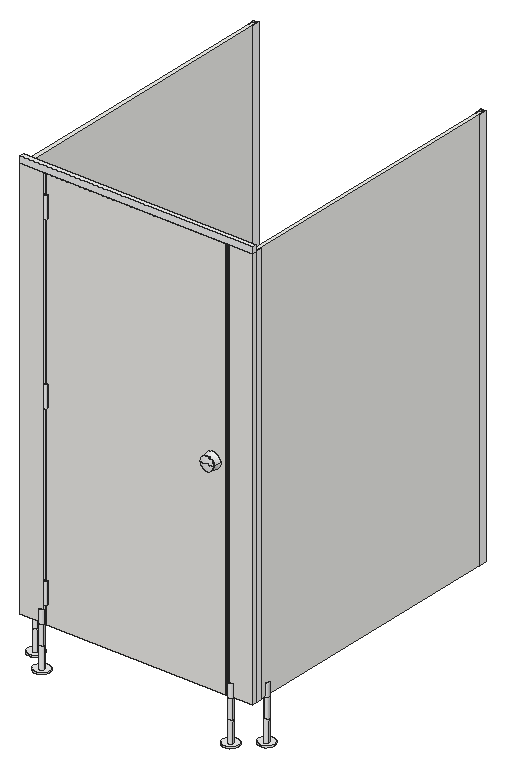
Revit family "Alsanit - Kabiny sanitarne PERSEI - LPW", category Doors, Revit 2020 (continued)
Dimensions and locks
  aligned and locked: plane 8 to Sweep 55 sketch curve
  aligned and locked: plane 67 to Sweep 56 sketch curve
  aligned and locked: level to Sweep 56 sketch curve
  aligned and locked: plane 25 to Sweep 56 sketch curve
  aligned and locked: plane 67 to Sweep 57 sketch curve
  aligned and locked: level to Sweep 57 sketch curve
  aligned and locked: plane 26 to Sweep 57 sketch curve
  aligned and locked: plane 67 to Sweep 58 sketch curve
  aligned and locked: level to Sweep 58 sketch curve
  aligned and locked: Sweep 58 sketch curve to plane 6
  aligned and locked: plane 67 to Sweep 59 sketch curve
  aligned and locked: Sweep 59 sketch curve to plane 9
  aligned and locked: level to Sweep 59 sketch curve
  aligned and locked: plane 67 to Sweep 60 sketch curve
  aligned and locked: level to Sweep 60 sketch curve
  aligned and locked: plane 25 to Sweep 60 sketch curve
  aligned and locked: level to Sweep 61 sketch curve
  aligned and locked: plane 67 to Sweep 61 sketch curve
  aligned and locked: plane 26 to Sweep 61 sketch curve
  aligned and locked: plane 67 to Sweep 62 sketch curve
  aligned and locked: level to Sweep 62 sketch curve
  aligned and locked: plane 7 to Sweep 62 sketch curve
Automatic sketch dimensions
  curve 22 to plane 21 = 0.00 mm
  curve 20 to plane 18 = 0.00 mm
  curve 24 to plane 27 = 0.00 mm
  curve 17 to plane 27 = 0.00 mm
  Sweep 5 sketch curve to plane 8 = 0.00 mm
  Sweep 11 sketch curve to plane 28 "Wysokość modułu" = 0.00 mm
  Sweep 17 sketch curve to plane 3 "Center (Left/Right)" = 0.00 mm
  Sweep 17 sketch curve to level = 0.00 mm
  Sweep 17 sketch curve to plane 33 = 0.00 mm
  plane 17 to Sweep 17 sketch curve = 0.00 mm
  Sweep 18 sketch curve to plane 33 = 0.00 mm
  Sweep 18 sketch curve to level = 0.00 mm
  Sweep 18 sketch curve to plane 61 = 10.00 mm
  plane 17 to Sweep 18 sketch curve = 0.00 mm
  Sweep 19 sketch curve to plane 3 "Center (Left/Right)" = 0.00 mm
  Sweep 19 sketch curve to plane 27 = 0.00 mm
  Sweep 19 sketch curve to plane 34 = 0.00 mm
  plane 17 to Sweep 19 sketch curve = 0.00 mm
  Sweep 19 sketch curve to plane 17 = 10.00 mm
  Sweep 20 sketch curve to plane 34 = 0.00 mm
  Sweep 20 sketch curve to plane 27 = 0.00 mm
  Sweep 20 sketch curve to plane 61 = 10.00 mm
  plane 17 to Sweep 20 sketch curve = 0.00 mm
  Sweep 20 sketch curve to plane 17 = 10.00 mm
  Sweep 21 sketch curve to plane 3 "Center (Left/Right)" = 0.00 mm
  Sweep 21 sketch curve to plane 33 = 0.00 mm
  Sweep 21 sketch curve to plane 27 = 0.00 mm
  plane 17 to Sweep 21 sketch curve = 0.00 mm
  Sweep 22 sketch curve to plane 27 = 0.00 mm
  Sweep 22 sketch curve to plane 33 = 0.00 mm
  Sweep 22 sketch curve to plane 61 = 10.00 mm
  plane 17 to Sweep 22 sketch curve = 0.00 mm
  Sweep 23 sketch curve to plane 25 = 0.00 mm
  Sweep 23 sketch curve to level = 0.00 mm
  Sweep 23 sketch curve to plane 33 = 0.00 mm
  Sweep 23 sketch curve to plane 11 = 0.00 mm
  Sweep 23 sketch curve to profile plane = 0.00 mm
  Sweep 24 sketch curve to plane 25 = 0.00 mm
  Sweep 24 sketch curve to plane 27 = 0.00 mm
  Sweep 24 sketch curve to plane 34 = 0.00 mm
  Sweep 24 sketch curve to plane 11 = 0.00 mm
  Sweep 24 sketch curve to profile plane = 0.00 mm
  Sweep 24 sketch curve to Sweep 24 sketch curve = 10.00 mm
  Sweep 25 sketch curve to plane 25 = 0.00 mm
  Sweep 25 sketch curve to plane 33 = 0.00 mm
  Sweep 25 sketch curve to plane 27 = 0.00 mm
  Sweep 25 sketch curve to plane 11 = 0.00 mm
  Sweep 25 sketch curve to profile plane = 0.00 mm
  Sweep 26 sketch curve to plane 26 = 0.00 mm
  Sweep 26 sketch curve to level = 0.00 mm
  Sweep 26 sketch curve to plane 33 = 0.00 mm
  Sweep 27 sketch curve to plane 26 = 0.00 mm
  Sweep 27 sketch curve to plane 27 = 0.00 mm
  Sweep 27 sketch curve to plane 34 = 0.00 mm
  Sweep 27 sketch curve to plane 11 = 0.00 mm
  Sweep 27 sketch curve to Sweep 27 sketch curve = 10.00 mm
  Sweep 28 sketch curve to plane 26 = 0.00 mm
  Sweep 28 sketch curve to plane 33 = 0.00 mm
  Sweep 28 sketch curve to plane 27 = 0.00 mm
  Sweep 28 sketch curve to plane 11 = 0.00 mm
  Sweep 28 sketch curve to profile plane = 0.00 mm
  Sweep 33 sketch curve to plane 27 = 0.00 mm
  plane 48 to Sweep 34 sketch curve = 0.00 mm
  Sweep 34 sketch curve to plane 27 = 0.00 mm
  Sweep 35 sketch curve to plane 27 = 0.00 mm
  Sweep 36 sketch curve to plane 27 = 0.00 mm
  Sweep 37 sketch curve to Sweep 37 sketch curve = 0.00 mm  (x3)
  profile plane to Sweep 37 sketch curve = 19.028 mm
  Sweep 37 sketch curve to Sweep 37 sketch curve = 11.92 mm
  Sweep 37 sketch curve to Sweep 37 sketch curve = 0.914 mm
  Sweep 37 sketch curve to Sweep 37 sketch curve = 12.835 mm
  Sweep 37 sketch curve to profile plane = 14.002 mm
  Sweep 37 sketch curve to Sweep 37 sketch curve = 5.11 mm
  Sweep 37 sketch curve to Sweep 37 sketch curve = 5.963 mm
  Sweep 37 sketch curve to Sweep 37 sketch curve = 0.963 mm
  Sweep 37 sketch curve to Sweep 37 sketch curve = 0.337 mm
  Sweep 37 sketch curve to Sweep 37 sketch curve = 3.278 mm
  plane 2 to Sweep 37 sketch curve = 2000.00 mm
  Sweep 37 sketch curve to Sweep 37 sketch curve = 2.00 mm  (x4)
  Sweep 37 sketch curve to Sweep 37 sketch curve = 8.006 mm
  Sweep 37 sketch curve to Sweep 37 sketch curve = 4.00 mm  (x2)
  Sweep 37 sketch curve to Sweep 37 sketch curve = 0.60 mm
  Sweep 37 sketch curve to Sweep 37 sketch curve = 14.00 mm
  Sweep 37 sketch curve to Sweep 37 sketch curve = 1.40 mm
  Sweep 37 sketch curve to Sweep 37 sketch curve = 1.946 mm
  Sweep 37 sketch curve to Sweep 37 sketch curve = 0.998 mm
  Sweep 33 sketch curve to plane 58 = 0.00 mm
  Sweep 33 sketch curve to plane 59 = 0.00 mm
  Sweep 33 sketch curve to Sweep 33 sketch curve = 95.00 mm
  Sweep 35 sketch curve to plane 56 = 0.00 mm
  Sweep 35 sketch curve to plane 57 = 0.00 mm
  Sweep 35 sketch curve to Sweep 35 sketch curve = 95.00 mm
  radius of Sweep 17 sketch curve = 11.00 mm
  radius of Sweep 18 sketch curve = 11.00 mm
  radius of Sweep 21 sketch curve = 10.00 mm
  radius of Sweep 22 sketch curve = 10.00 mm
  radius of Sweep 23 sketch curve = 11.00 mm
  radius of Sweep 25 sketch curve = 10.00 mm
  radius of Sweep 26 sketch curve = 11.00 mm
  radius of Sweep 28 sketch curve = 10.00 mm
  radius of Extrusion 43 sketch curve = 7.50 mm
  radius of Extrusion 44 sketch curve = 7.50 mm
Nested families
  nested 1: "front" at (0, -1290, 0), visible <- "Orientacja - bez odbicia", Szerokość drzwi <- "Szerokość drzwi", Grubość ścianki <- "Grubość ścianki", Wysokość dolnej szczeliny <- "Wysokość szczeliny drzwi", type "front", detail levels medium+fine
    with Wysokość dolnej szczeliny 188.00 mm, Szerokość drzwi 800.00 mm, Grubość ścianki 18.00 mm, Wysokość drzwi 2000.00 mm
  nested 2: "front" at (0, -1290, 0) x (-1, 0, 0) z (0, 0, 1), visible <- "Orientacja - odbij lustrzanie", Szerokość drzwi <- "Szerokość drzwi", Grubość ścianki <- "Grubość ścianki", Wysokość dolnej szczeliny <- "Wysokość szczeliny drzwi", type "front", detail levels medium+fine
    with Wysokość dolnej szczeliny 188.00 mm, Szerokość drzwi 800.00 mm, Grubość ścianki 18.00 mm, Wysokość drzwi 2000.00 mm
Definition of nested family "front"
  Parameters (values of type "front")
    Wysokość drzwi = 2030.00 mm
    Wysokość dolnej szczeliny [instance] = 188.00 mm
    Szerokość drzwi [instance] = 900.00 mm
    Materiał płyt = none
    Materiał okuć = none
    Grubość ścianki [instance] = 10.00 mm
    Drzwi zewnętrzne = yes
    Drzwi wewnętrzne = no
    Default Elevation = 0.00 mm
  Reference planes
    plane 1 "Center (Front/Back)": y = 0
    plane 2: z = 0
    plane 3 "Center (Left/Right)": x = 0
    plane 4: y = -10
    plane 5: z = 188
    plane 6: z = 2030
    plane 7: x = 450
    plane 8: x = -450
    plane 9: x = 393
    plane 10: y = -17
    plane 11: z = 1110
    plane 12: y = 12
    plane 13: y = 7
    plane 14: z = 1110
    plane 15: x = 469.5
    plane 16: z = 1946.75
    plane 17: z = 1853.25
    plane 18: y = -910
    plane 19: y = 900
    plane 20: y = 32
    plane 21: y = 42
  Forms (mm)
    Sweep 1, solid, material <- "Materiał płyt"
      path origin (500, 0, 0) x (-1, 0, 0) y (0, 0, 1)
        loop
          line (500, 188) -> (500, 2030)
      profile origin (0, 0, 1109) x (-1, 0, 0) y (0, -1, 0)
        loop
          line (-450, 0) -> (450, 0) -> (450, 10) -> (-450, 10) -> (-450, 0)
    Revolve 2, solid, material <- "Materiał okuć", detail levels fine
      sketch origin (0, 0, 1110) x (1, 0, 0) y (0, 1, 0)
        loop
          line (393, -10) -> (393, -41) -> (423, -41)
          arc (423, -41) -> (422.747, -25.056) -> (428, -10) r 45.589
          line (428, -10) -> (393, -10)
        axis (393, -10) -> (393, -41)
      angle from 0 to 360
    Revolve 3, solid, material <- "Materiał okuć", visible <- "Drzwi zewnętrzne", detail levels fine
      sketch origin (-489.895, -17, 1200) x (-1, 0, 0) y (0, 0, 1)
        loop
          line (-32.895, -43.25) -> (-39.895, -43.25) -> (-39.895, -136.75) -> (-32.895, -136.75) -> (-32.895, -43.25)
        loop
          line (-32.895, -833.25) -> (-39.895, -833.25) -> (-39.895, -926.75) -> (-32.895, -926.75) -> (-32.895, -833.25)
        loop
          line (-32.895, 746.75) -> (-39.895, 746.75) -> (-39.895, 653.25) -> (-32.895, 653.25) -> (-32.895, 746.75)
        axis (-39.895, 746.75) -> (-39.895, -926.75)
      angle from 0 to 360
    Revolve 4, solid, material <- "Materiał okuć", detail levels fine
      sketch origin (0, 0, 1110) x (1, 0, 0) y (0, 1, 0)
        loop
          line (393, -41) -> (393, -46)
          arc (393, -46) -> (408.088, -45.376) -> (423, -43) r 129.442
          line (423, -43) -> (423, -41) -> (393, -41)
        loop
          arc (428, 0) -> (424.416, 5.468) -> (424.718, 12) r 10.61
          line (424.718, 12) -> (393, 12) -> (393, 0) -> (428, 0)
        axis (393, 12) -> (393, -46)
      angle from 0 to 360
    Sweep 5, solid, material <- "Materiał okuć", detail levels fine
      path origin (366, -1524, 1110) x (-1, 0, 0) y (0, -1, 0)
        loop
          line (-84, -1531) -> (-84, -1536)
      profile origin (450, 9.5, 1110) x (-1, 0, 0) y (0, 0, 1)
        loop
          line (48.128, 23.373) -> (-4.314, 8.829)
          arc (-4.314, 8.829) -> (-11.028, 0) -> (-4.314, -8.829) r 9.162
          line (-4.314, -8.829) -> (48.128, -23.373) -> (48.128, 23.373)
    Extrusion 6, solid, material <- "Materiał okuć", detail levels fine
      sketch origin (0, 0, 0) x (1, 0, 0) y (0, 0, 1)
        loop
          line (-9.496, 1782.645) -> (-9.496, 1777.392) -> (9.496, 1777.392) -> (9.496, 1782.645)
          arc (9.496, 1782.645) -> (4.682, 1788.517) -> (5.976, 1795.998) r 9.126
          arc (5.976, 1795.998) -> (0, 1807.33) -> (-5.976, 1795.998) r 7.241
          arc (-5.976, 1795.998) -> (-4.682, 1788.517) -> (-9.496, 1782.645) r 9.126
      from -7 to 0
    Extrusion 7, solid, material <- "Materiał okuć", detail levels fine
      sketch origin (42.235, -68.236, -0.053) x (-0.601815, 0.798636, 0) y (0, 0, -1)
        loop
          arc (104.856, -1789.865) -> (110.41, -1793.768) -> (114.787, -1788.58) r 5.027
          arc (114.787, -1788.58) -> (112.823, -1783.23) -> (108.108, -1780.03) r 9.3
          arc (108.108, -1780.03) -> (100.618, -1778.3) -> (92.979, -1777.445) r 66.588
          line (92.979, -1777.445) -> (85.678, -1777.445) -> (85.678, -1782.715)
          arc (85.678, -1782.715) -> (92.474, -1781.484) -> (99.218, -1782.976) r 17.523
          arc (99.218, -1782.976) -> (102.86, -1785.747) -> (104.856, -1789.865) r 9.85
      from 0 to -7.113
    Extrusion 8, solid, material <- "Materiał okuć", detail levels fine
      sketch origin (-42.235, -68.236, -0.053) x (0.601815, 0.798636, 0) y (0, 0, 1)
        loop
          arc (104.856, 1789.865) -> (102.86, 1785.747) -> (99.218, 1782.976) r 9.85
          arc (99.218, 1782.976) -> (92.474, 1781.484) -> (85.678, 1782.715) r 17.523
          line (85.678, 1782.715) -> (85.678, 1777.445) -> (92.979, 1777.445)
          arc (92.979, 1777.445) -> (100.618, 1778.3) -> (108.108, 1780.03) r 66.588
          arc (108.108, 1780.03) -> (112.823, 1783.23) -> (114.787, 1788.58) r 9.3
          arc (114.787, 1788.58) -> (110.41, 1793.768) -> (104.856, 1789.865) r 5.027
      from 0 to -7.113
    Revolve 9, solid, material <- "Materiał okuć", visible <- "Drzwi wewnętrzne", detail levels fine
      sketch origin (-489.895, 7, 1200) x (-1, 0, 0) y (0, 0, -1)
        loop
          line (-32.895, 43.25) -> (-32.895, 136.75) -> (-39.895, 136.75) -> (-39.895, 43.25) -> (-32.895, 43.25)
        loop
          line (-32.895, 833.25) -> (-32.895, 926.75) -> (-39.895, 926.75) -> (-39.895, 833.25) -> (-32.895, 833.25)
        loop
          line (-32.895, -746.75) -> (-32.895, -653.25) -> (-39.895, -653.25) -> (-39.895, -746.75) -> (-32.895, -746.75)
        axis (-39.895, -746.75) -> (-39.895, 926.75)
      angle from 0 to 360
    Revolve 10, solid, material <- "Materiał okuć", detail levels fine
      sketch origin (0, 0, 1110) x (1, 0, 0) y (0, 1, 0)
        loop
          line (461.5, 0) -> (469.5, 0) -> (469.5, 18) -> (448.5, 18) -> (448.5, 13) -> (463.5, 13) -> (463.5, 7) -> (461.5, 7) -> (461.5, 0)
        axis (469.5, 0) -> (469.5, 18)
      angle from 0 to 360
    Sweep 11, solid, material <- "Materiał okuć", detail levels fine
      path origin (0, 0, 0) x (1, 0, 0) y (0, 1, 0)
        loop
          line (393, 12) -> (393, 32)
      profile origin (393, 22, 0) x (-1, 0, 0) y (0, 0, 1)
        loop
          arc (20.5, 1118.773) -> (-10.746, 1124) -> (-42, 1118.822) r 96.453
          arc (-42, 1118.822) -> (-48.309, 1110) -> (-42, 1101.178) r 9.322
          arc (-42, 1101.178) -> (-9.312, 1096.012) -> (23.199, 1102.199) r 96.453
          arc (23.199, 1102.199) -> (26.818, 1111.295) -> (20.5, 1118.773) r 9.519
    SweptBlend 12, solid, material <- "Materiał okuć", detail levels fine
      path origin (0, 0, 0) x (1, 0, 0) y (0, 1, 0)
        loop
          line (393, 32) -> (393, 42)
      profile origin (393, 32, 0) x (-1, 0, 0) y (0, 0, 1)
        loop
          arc (-42, 1101.178) -> (-9.312, 1096.012) -> (23.199, 1102.199) r 96.453
          arc (23.199, 1102.199) -> (26.818, 1111.295) -> (20.5, 1118.773) r 9.519
          arc (20.5, 1118.773) -> (-10.746, 1124) -> (-42, 1118.822) r 96.453
          arc (-42, 1118.822) -> (-48.309, 1110) -> (-42, 1101.178) r 9.322
      end profile origin (393, 42, 0) x (-1, 0, 0) y (0, 0, 1)
        loop
          arc (18.881, 1114.042) -> (-10.748, 1119) -> (-40.384, 1114.09) r 91.453
          arc (-40.384, 1114.09) -> (-43.309, 1110) -> (-40.384, 1105.91) r 4.322
          arc (-40.384, 1105.91) -> (-9.822, 1101.005) -> (20.625, 1106.577) r 91.453
          arc (20.625, 1106.577) -> (21.823, 1110.793) -> (18.881, 1114.042) r 4.519
  Cuts and joins
    joined: Revolve 4, Sweep 5, Sweep 11, SweptBlend 12
    joined: Extrusion 6, Extrusion 7, Extrusion 8
  Lines and regions (mm)
    symbolic lines, visible <- "Drzwi zewnętrzne"
      curve 1: line (-450, -10, 0) -> (-450, -910, 0)
      curve 2: line (-450, -10, 0) -> (450, -10, 0)
      curve 3: arc (-450, -910, 0) -> (186.396, -646.396, 0) -> (450, -10, 0) r 900
    symbolic lines, visible <- "Drzwi wewnętrzne"
      curve 4: line (-450, 0, 0) -> (-450, 900, 0)
      curve 5: line (-450, 0, 0) -> (450, 0, 0)
      curve 6: arc (450, 0, 0) -> (186.396, 636.396, 0) -> (-450, 900, 0) r 900
  Dimensions and locks
    "Wysokość dolnej szczeliny": plane 5 to plane 2
    "Wysokość drzwi": plane 6 to plane 2
    "Grubość ścianki": plane 4 to plane 1 "Center (Front/Back)"
    locked: plane 9 to plane 7 at 57
    "Szerokość drzwi": plane 8 to plane 7
    equal spacing: plane 8, plane 3 "Center (Left/Right)", plane 7
    locked: plane 4 to plane 10 at 7
    plane 1 "Center (Front/Back)" to plane 13 to plane 12 = 7.00 mm locked, 5.00 mm locked
    locked: plane 9 to plane 15 at 76.5
    plane 6 to plane 16 to plane 17 = 83.25 mm locked, 93.50 mm locked
    locked: plane 14 to level at 1110
    "Szerokość drzwi": plane 4 to plane 18
    "Szerokość drzwi": plane 1 "Center (Front/Back)" to plane 19
    plane 9 to Revolve 4 sketch curve = 35.00 mm
    locked: plane 20 to plane 12 at 20
    locked: plane 21 to plane 20 at 10
    aligned and locked: level to plane 2
    aligned and locked: plane 6 to Sweep 1 sketch curve
    aligned and locked: plane 3 "Center (Left/Right)" to Sweep 1 sketch curve
    aligned and locked: plane 5 to Sweep 1 sketch curve
    aligned and locked: Sweep 1 sketch curve to plane 8
    aligned and locked: Sweep 1 sketch curve to plane 7
    aligned and locked: plane 8 to Revolve 3 sketch curve  (x2)
    aligned and locked: Sweep 1 sketch curve to plane 4
    aligned and locked: plane 13 to Sweep 5 sketch curve
    aligned and locked: plane 12 to Sweep 5 sketch curve
    aligned and locked: plane 7 to Sweep 5 sketch curve
    aligned and locked: plane 13 to Extrusion 6
    aligned and locked: plane 1 "Center (Front/Back)" to Extrusion 6
    aligned and locked: plane 15 to Revolve 10 sketch curve
    aligned and locked: Revolve 10 sketch curve to plane 15
    aligned and locked: plane 17 to Revolve 3 sketch curve
    aligned and locked: Revolve 3 sketch curve to plane 16
    aligned and locked: plane 8 to curve 1
    aligned and locked: curve 2 to plane 4
    aligned and locked: plane 7 to curve 2
    aligned and locked: plane 18 to curve 1
    aligned and locked: curve 4 to plane 8
    aligned and locked: plane 1 "Center (Front/Back)" to curve 5
    aligned and locked: plane 7 to curve 5
    aligned and locked: plane 12 to Sweep 11 sketch curve
    aligned and locked: plane 20 to Sweep 11 sketch curve
    aligned and locked: plane 9 to Sweep 11 sketch curve
    aligned and locked: plane 21 to SweptBlend 12 sketch curve
    aligned and locked: plane 20 to SweptBlend 12 sketch curve
    aligned and locked: plane 9 to SweptBlend 12 sketch curve
  Automatic sketch dimensions
    plane 8 to Revolve 3 sketch curve = 0.00 mm  (x2)
    Revolve 3 sketch curve to Revolve 3 sketch curve = 7.00 mm  (x3)
    Revolve 3 sketch curve to plane 5 = 85.25 mm
    Revolve 3 sketch curve to Revolve 3 sketch curve = 93.50 mm
    Revolve 3 sketch curve to Revolve 3 sketch curve = 31.50 mm
    Revolve 3 sketch curve to Revolve 3 sketch curve = 20.00 mm
    Sweep 5 sketch curve to profile plane = 0.00 mm
    profile plane to Sweep 5 sketch curve = 4.314 mm  (x2)
    profile plane to Sweep 5 sketch curve = 1.866 mm
    Sweep 5 sketch curve to profile plane = 23.373 mm
    Sweep 5 sketch curve to profile plane = 48.128 mm
    Sweep 5 sketch curve to profile plane = 8.829 mm
    profile plane to Sweep 5 sketch curve = 23.373 mm
    Extrusion 6 sketch curve to plane 3 "Center (Left/Right)" = 0.00 mm
    Extrusion 6 sketch curve to plane 3 "Center (Left/Right)" = 9.496 mm
    Extrusion 6 sketch curve to Extrusion 6 sketch curve = 4.01 mm  (x2)
    plane 3 "Center (Left/Right)" to Extrusion 6 sketch curve = 9.496 mm
    Extrusion 6 sketch curve to plane 6 = 252.608 mm
    Extrusion 6 sketch curve to Extrusion 6 sketch curve = 5.253 mm  (x2)
    Extrusion 6 sketch curve to Extrusion 6 sketch curve = 8.198 mm  (x2)
    Extrusion 6 sketch curve to Extrusion 6 sketch curve = 9.245 mm
    Extrusion 6 sketch curve to Extrusion 6 sketch curve = 0.00 mm
    Extrusion 7 sketch curve to plane 6 = 252.608 mm
    Extrusion 7 sketch curve to Extrusion 7 sketch curve = 3.724 mm
    Extrusion 7 sketch curve to Extrusion 7 sketch curve = 6.458 mm
    Extrusion 7 sketch curve to Extrusion 7 sketch curve = 7.301 mm
    Extrusion 7 sketch curve to Extrusion 7 sketch curve = 3.101 mm
    Extrusion 7 sketch curve to Extrusion 7 sketch curve = 10.258 mm
    Extrusion 7 sketch curve to Extrusion 7 sketch curve = 4.27 mm
    Extrusion 7 sketch curve to Extrusion 7 sketch curve = 5.269 mm
    Extrusion 7 sketch curve to Extrusion 7 sketch curve = 11.338 mm
    Extrusion 7 sketch curve to Extrusion 7 sketch curve = 0.173 mm
    Extrusion 7 sketch curve to Extrusion 7 sketch curve = 3.03 mm
    Extrusion 7 sketch curve to Extrusion 7 sketch curve = 7.018 mm
    Extrusion 7 sketch curve to Extrusion 7 sketch curve = 44.934 mm
    Extrusion 7 sketch curve to Extrusion 7 sketch curve = 0.00 mm  (x3)
    Extrusion 8 sketch curve to plane 6 = 252.608 mm
    Extrusion 8 sketch curve to Extrusion 8 sketch curve = 3.724 mm
    Extrusion 8 sketch curve to Extrusion 8 sketch curve = 6.458 mm
    Extrusion 8 sketch curve to Extrusion 8 sketch curve = 7.301 mm
    Extrusion 8 sketch curve to Extrusion 8 sketch curve = 3.101 mm
    Extrusion 8 sketch curve to Extrusion 8 sketch curve = 10.258 mm
    Extrusion 8 sketch curve to Extrusion 8 sketch curve = 4.27 mm
    Extrusion 8 sketch curve to Extrusion 8 sketch curve = 5.269 mm
    Extrusion 8 sketch curve to Extrusion 8 sketch curve = 11.338 mm
    Extrusion 8 sketch curve to Extrusion 8 sketch curve = 0.173 mm
    Extrusion 8 sketch curve to Extrusion 8 sketch curve = 3.03 mm
    Extrusion 8 sketch curve to Extrusion 8 sketch curve = 7.018 mm
    Extrusion 8 sketch curve to Extrusion 8 sketch curve = 44.934 mm
    Extrusion 8 sketch curve to Extrusion 8 sketch curve = 0.00 mm  (x3)
    plane 8 to Revolve 9 sketch curve = 0.00 mm  (x4)
    Revolve 9 sketch curve to Revolve 9 sketch curve = 7.00 mm  (x3)
    Revolve 9 sketch curve to plane 6 = 83.25 mm
    Revolve 9 sketch curve to Revolve 9 sketch curve = 93.50 mm
    plane 14 to Revolve 9 sketch curve = 46.75 mm
    Revolve 9 sketch curve to plane 14 = 46.75 mm
    Revolve 9 sketch curve to plane 5 = 178.75 mm
    Revolve 9 sketch curve to plane 5 = 85.25 mm
    Revolve 9 sketch curve to Revolve 9 sketch curve = 20.00 mm
    Revolve 9 sketch curve to Revolve 9 sketch curve = 31.50 mm
    plane 14 to Revolve 3 sketch curve = 46.75 mm
    Revolve 3 sketch curve to plane 14 = 46.75 mm
    plane 1 "Center (Front/Back)" to Sweep 1 sketch curve = 0.00 mm
    plane 1 "Center (Front/Back)" to Revolve 10 sketch curve = 0.00 mm
    Revolve 10 sketch curve to plane 13 = 0.00 mm
    plane 12 to Revolve 10 sketch curve = 1.00 mm
    plane 15 to Revolve 10 sketch curve = 6.00 mm
    Revolve 10 sketch curve to Revolve 10 sketch curve = 2.00 mm
    Revolve 10 sketch curve to plane 7 = 1.50 mm
    plane 12 to Revolve 10 sketch curve = 6.00 mm
    Revolve 10 sketch curve to plane 12 = 4.00 mm
    Revolve 10 sketch curve to Revolve 10 sketch curve = 15.00 mm
    Revolve 2 sketch curve to plane 4 = 0.00 mm
    Revolve 2 sketch curve to plane 9 = 0.00 mm  (x2)
    plane 15 to Revolve 2 sketch curve = 1.746 mm
    Revolve 2 sketch curve to plane 10 = 15.315 mm
    Revolve 2 sketch curve to plane 10 = 24.00 mm
    Revolve 2 sketch curve to Revolve 2 sketch curve = 25.00 mm
    Revolve 2 sketch curve to Revolve 2 sketch curve = 10.00 mm
    Revolve 2 sketch curve to plane 7 = 27.00 mm
    Revolve 4 sketch curve to plane 9 = 0.00 mm  (x3)
    Revolve 4 sketch curve to plane 12 = 0.00 mm
    plane 1 "Center (Front/Back)" to Revolve 4 sketch curve = 0.00 mm
    plane 9 to Revolve 4 sketch curve = 2.208 mm
    Revolve 4 sketch curve to plane 7 = 27.00 mm
    Revolve 4 sketch curve to plane 12 = 3.732 mm
    Revolve 4 sketch curve to Revolve 4 sketch curve = 6.65 mm
    Revolve 4 sketch curve to plane 10 = 24.00 mm
    Revolve 4 sketch curve to Revolve 4 sketch curve = 2.00 mm
    Revolve 4 sketch curve to Revolve 4 sketch curve = 5.00 mm
    Revolve 4 sketch curve to Revolve 4 sketch curve = 20.00 mm
    Revolve 4 sketch curve to Revolve 4 sketch curve = 10.00 mm
    profile plane to Sweep 11 sketch curve = 38.987 mm
    profile plane to Sweep 11 sketch curve = 10.822 mm  (x2)
    Sweep 11 sketch curve to profile plane = 17.423 mm
    level to Sweep 11 sketch curve = 1027.547 mm
    Sweep 11 sketch curve to Sweep 11 sketch curve = 82.218 mm
    Sweep 11 sketch curve to Sweep 11 sketch curve = 0.235 mm
    Sweep 11 sketch curve to Sweep 11 sketch curve = 3.013 mm  (x2)
    Sweep 11 sketch curve to Sweep 11 sketch curve = 0.00 mm  (x2)
    Sweep 11 sketch curve to Sweep 11 sketch curve = 3.077 mm
    Sweep 11 sketch curve to Sweep 11 sketch curve = 5.776 mm
    profile plane to SweptBlend 12 sketch curve = 38.987 mm  (x2)
    profile plane to SweptBlend 12 sketch curve = 10.822 mm  (x4)
    level to SweptBlend 12 sketch curve = 1027.547 mm  (x2)
    SweptBlend 12 sketch curve to SweptBlend 12 sketch curve = 82.453 mm
    SweptBlend 12 sketch curve to SweptBlend 12 sketch curve = 3.013 mm  (x2)
    SweptBlend 12 sketch curve to SweptBlend 12 sketch curve = 0.00 mm  (x4)
    SweptBlend 12 sketch curve to profile plane = 20.50 mm
    SweptBlend 12 sketch curve to SweptBlend 12 sketch curve = 2.699 mm
    SweptBlend 12 sketch curve to SweptBlend 12 sketch curve = 3.077 mm
    SweptBlend 12 sketch curve to profile plane = 17.423 mm
    SweptBlend 12 sketch curve to SweptBlend 12 sketch curve = 82.218 mm
    SweptBlend 12 sketch curve to SweptBlend 12 sketch curve = 0.235 mm
    SweptBlend 12 sketch curve to SweptBlend 12 sketch curve = 1.397 mm
    SweptBlend 12 sketch curve to SweptBlend 12 sketch curve = 1.458 mm
    SweptBlend 12 sketch curve to SweptBlend 12 sketch curve = 3.202 mm
Types (2, lengths in mm): name | Typ nóżek | Typ nózek centralny | Thickness | Nóżka prawa centralna | Nóżka lewa centralna | Nóżka lewa | Nózka prawa | Szerokość zewnętrzna modułu | Prawe odsunięcie osi | Odsunięcie prawej ścianki od osi (min. 60 mm) | Lewe odsunięcie osi | Odsunięcie lewej ścianki od osi (min. 60 mm) | Grubość ścianki
  18 mm | yes | no | 18.00 | no | no | yes | yes | 1042.00 | 12.00 | 102.00 | 12.00 | 102.00 | 18.00
  28 mm | no | yes | 28.00 | yes | yes | no | no | 1062.00 | 17.00 | 107.00 | 17.00 | 107.00 | 28.00
